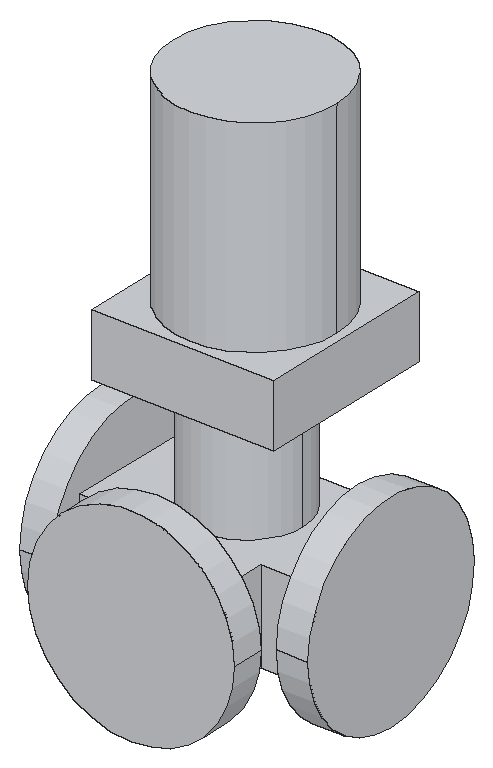
Revit family "M_Válvula de controle motor - 3 vias - 50-400 mm", category Acessórios do tubo, Revit 2019
Family settings
  Cota do conector redondo = Usar raio
  Tipo de parte = Válvula - Quebra entre
  Número OmniClass = 23.65.55.14.17
  Título OmniClass = Adjusting/Controlling Valves for Liquid Services
  ID de item do Seek = Motor Control Valve - 3 Way - 50-400 mm-0000-CAN-ENU
  Com base no plano de trabalho = Não
  Sempre na vertical = Sim
  Corte com vazios quando carregada = Não
  Compartilhado = Não
Parameters (values of type "50 mm")
  Largura 2 = 115 mm
  Largura 1 = 64 mm
  Material da válvula = none
  Espessura 2 = 50 mm
  Espessura 1 = 73 mm
  Raio 2 = Diâmetro 2 * 0.5  # 45 mm
  Raio 1 = Diâmetro 1 * 0.5  # 65.25 mm
  Largura da placa = 145 mm
  Largura externa = 110 mm
  Raio nominal = 25 mm
  Diâmetro nominal = 2 * Raio nominal  # 50 mm
  K Coefficient = 2.71
  Altura 2 = 342 mm
  Altura 1 = 128 mm
  Raio da flange = Diâmetro da flange * 0.5  # 82.5 mm
  Diâmetro da flange = 1.5 * Largura externa  # 165 mm
  Diâmetro 2 = Largura 2 - 25 mm  # 90 mm
  Diâmetro 1 = 0.9 * Largura da placa  # 130.5 mm
Types (10, lengths in mm): name | Largura 2 | Largura 1 | Espessura 2 | Espessura 1 | Raio 2 | Raio 1 | Largura da placa | Largura externa | Raio nominal | Diâmetro nominal | K Coefficient | Altura 2 | Altura 1 | Raio da flange | Diâmetro da flange | Diâmetro 2 | Diâmetro 1
  (no name) | 115 | 64 | 50 | 73 | 45 | 65.25 | 145 | 110 | 25 | 50 | 2.71 | 342 | 128 | 82.5 | 165 | 90 | 130.5
  50 mm | 115 | 64 | 50 | 73 | 45 | 65.25 | 145 | 110 | 25 | 50 | 2.71 | 342 | 128 | 82.5 | 165 | 90 | 130.5
  80 mm | 140 | 78 | 56 | 85 | 57.5 | 79.2 | 176 | 127 | 40 | 80 | 2.71 | 365 | 138 | 95.25 | 190.5 | 115 | 158.4
  100 mm | 150 | 84 | 70 | 102 | 62.5 | 85.05 | 189 | 150 | 50 | 100 | 2.71 | 466 | 174 | 112.5 | 225 | 125 | 170.1
  150 mm | 185 | 104 | 88 | 124 | 80 | 104.85 | 233 | 186 | 75 | 150 | 2.77 | 595 | 220 | 139.5 | 279 | 160 | 209.7
  200 mm | 225 | 129 | 97 | 152 | 100 | 127.35 | 283 | 228 | 100 | 200 | 2.76 | 638 | 243 | 171 | 342 | 200 | 254.7
  250 mm | 260 | 152 | 106 | 181 | 117.5 | 147.6 | 328 | 270 | 125 | 250 | 2.75 | 680 | 265 | 202.5 | 405 | 235 | 295.2
  300 mm | 300 | 186.5 | 130 | 215 | 137.5 | 170.1 | 378 | 320 | 150 | 300 | 2.75 | 833 | 322 | 240 | 480 | 275 | 340.2
  350 mm | 340 | 203 | 138 | 237 | 157.5 | 193.5 | 430 | 350 | 175 | 350 | 2.79 | 880 | 345 | 262.5 | 525 | 315 | 387
  400 mm | 385 | 230 | 148 | 265 | 180 | 218.25 | 485 | 370 | 200 | 400 | 4.76 | 930 | 369 | 277.5 | 555 | 360 | 436.5
Reference planes
  plane 1 "Centro (Frente/Trás)": y = 0
  plane 2: z = 0
  plane 3 "Centro (Esquerda/Direita)": x = 0
  plane 4: x = -55
  plane 5: x = 55
  plane 6: x = -72.5
  plane 7: x = 72.5
  plane 8: x = -115
  plane 9: x = 115
  plane 10: x = -89.6
  plane 11: x = 89.6
  plane 12: y = -64
  plane 13: y = 81
  plane 14: y = -115
  plane 15: y = -89.6
  plane 16: z = 36.5
  plane 17: z = -36.5
  plane 18: z = 128
  plane 19: z = 178
  plane 20: z = 342
  plane 21: y = -55
  plane 22: y = 55
  plane 23: y = 8.5
  plane 24: through (0, 0, 1219.2) normal (-0.866, -0.5, 0)
  plane 25: through (0, 0, 1219.2) normal (-0.866, 0.5, 0)
Forms (mm)
  Extrusion 1, solid, material <- "Material da válvula", detail levels fine
    sketch origin (0, 0, 0) x (1, 0, 0) y (0, 1, 0)
      loop
        line (-89.6, 55) -> (-89.6, -55) -> (-55, -55) -> (-55, -89.6) -> (55, -89.6) -> (55, -55) -> (89.6, -55) -> (89.6, 55) -> (-89.6, 55)
    from -36.5 to 36.5
  Extrusion 2, solid, material <- "Material da válvula", detail levels fine
    sketch origin (0, 0, 0) x (1, 0, 0) y (0, 1, 0)
      loop
        line (-72.5, 81) -> (-72.5, -64) -> (72.5, -64) -> (72.5, 81) -> (-72.5, 81)
    from 128 to 178
  Extrusion 3, solid, material <- "Material da válvula", detail levels fine
    sketch origin (-214.086, -4572, 36.5) x (-1, 0, 0) y (0, -1, 0)
      loop
        circle (-214.086, -4572) r 45
    from 0 to 91.5
  Extrusion 4, solid, material <- "Material da válvula", detail levels fine
    sketch origin (-214.086, -4572, 178) x (-1, 0, 0) y (0, -1, 0)
      loop
        circle (-214.086, -4580.5) r 65.25
    from 0 to 164
  Extrusion 5, solid, material <- "Material da válvula", detail levels fine
    sketch origin (-179.853, -89.6, 1219.2) x (-1, 0, 0) y (0, 0, 1)
      loop
        circle (-179.853, -1219.2) r 82.5
    from -25.4 to 0
  Extrusion 6, solid, material <- "Material da válvula", detail levels fine
    sketch origin (-115.094, -151.138, 1219.2) x (0, -1, 0) y (0, 0, 1)
      loop
        circle (-151.138, -1219.2) r 82.5
    from -25.494 to -0.094
  Extrusion 7, solid, material <- "Material da válvula", detail levels fine
    sketch origin (115.094, -151.138, 1219.2) x (0, -1, 0) y (0, 0, -1)
      loop
        circle (-151.138, 1219.2) r 82.5
    from -25.494 to -0.094
Cuts and joins
  joined: Extrusion 1, Extrusion 2, Extrusion 3, Extrusion 4, Extrusion 5, Extrusion 6, Extrusion 7
Lines and regions (mm)
  model lines, detail levels coarse+medium
    curve 1: line (0, 0, 0) -> (-66.395, -115, 0)
    curve 2: line (0, 0, 0) -> (66.395, -115, 0)
    curve 3: line (-66.395, -115, 0) -> (66.395, -115, 0)
    curve 4: line (-66.321, 114.872, 0) -> (66.321, 114.872, 0)
    curve 5: arc (-66.321, 114.872, 0) -> (0, 148.267, 0) -> (66.321, 114.872, 0) r 82.553
    curve 6: line (0, 0, 0) -> (-115, -66.395, 0)
    curve 7: line (0, 0, 0) -> (-115, 66.395, 0)
    curve 8: line (-115, 66.395, 0) -> (-115, -66.395, 0)
    curve 9: line (0, 0, 0) -> (115, -66.395, 0)
    curve 10: line (0, 0, 0) -> (115, 66.395, 0)
    curve 11: line (115, 66.395, 0) -> (115, -66.395, 0)
    curve 12: line (0, 114.872, 0) -> (0, 0, 0)
Dimensions and locks
  equal spacing: plane 4, plane 3 "Centro (Esquerda/Direita)", plane 5
  "Largura externa": plane 4 to plane 5
  equal spacing: plane 6, plane 3 "Centro (Esquerda/Direita)", plane 7
  "Largura da placa": plane 6 to plane 7
  "Largura 2": plane 8 to plane 3 "Centro (Esquerda/Direita)"
  "Largura 2": plane 3 "Centro (Esquerda/Direita)" to plane 9
  locked: plane 8 to plane 10 at 25.4
  locked: plane 11 to plane 9 at 25.4
  "Largura 1": plane 1 "Centro (Frente/Trás)" to plane 12
  "Largura da placa": plane 13 to plane 12
  "Largura 2": plane 14 to plane 1 "Centro (Frente/Trás)"
  locked: plane 15 to plane 14 at 25.4
  equal spacing: plane 16, plane 2, plane 17
  "Espessura 1": plane 16 to plane 17
  "Altura 1": plane 18 to plane 2
  "Espessura 2": plane 19 to plane 18
  "Altura 2": plane 20 to plane 2
  equal spacing: plane 22, plane 1 "Centro (Frente/Trás)", plane 21
  "Largura externa": plane 21 to plane 22
  equal spacing: plane 13, plane 23, plane 12
  "Raio 2": radius of Extrusion 3 sketch curve
  "Raio 1": radius of Extrusion 4 sketch curve
  "Raio da flange": radius of Extrusion 5 sketch curve
  "Raio da flange": radius of Extrusion 6 sketch curve
  "Raio da flange": radius of Extrusion 7 sketch curve
  locked: curve 1 to plane 3 "Centro (Esquerda/Direita)" (angle 30.00°)
  locked: plane 3 "Centro (Esquerda/Direita)" to curve 2 (angle 30.00°)
  locked: plane 3 "Centro (Esquerda/Direita)" to plane 24 (angle 30.00°)
  locked: plane 25 to plane 3 "Centro (Esquerda/Direita)" (angle 30.00°)
  locked: plane 1 "Centro (Frente/Trás)" to curve 6 (angle 30.00°)
  locked: curve 7 to plane 1 "Centro (Frente/Trás)" (angle 30.00°)
  locked: curve 9 to plane 1 "Centro (Frente/Trás)" (angle 30.00°)
  locked: plane 1 "Centro (Frente/Trás)" to curve 10 (angle 30.00°)
  aligned and locked: plane 22 to Extrusion 1 sketch curve
  aligned and locked: Extrusion 1 sketch curve to plane 11
  aligned and locked: Extrusion 1 sketch curve to plane 10
  aligned and locked: plane 21 to Extrusion 1 sketch curve  (x2)
  aligned and locked: Extrusion 1 sketch curve to plane 5
  aligned and locked: Extrusion 1 sketch curve to plane 4
  aligned and locked: plane 15 to Extrusion 1 sketch curve
  aligned and locked: plane 17 to Extrusion 1
  aligned and locked: plane 16 to Extrusion 1
  aligned and locked: plane 6 to Extrusion 2 sketch curve
  aligned and locked: Extrusion 2 sketch curve to plane 13
  aligned and locked: plane 12 to Extrusion 2 sketch curve
  aligned and locked: Extrusion 2 sketch curve to plane 7
  aligned and locked: Extrusion 2 to plane 18
  aligned and locked: plane 19 to Extrusion 2
  aligned and locked: plane 1 "Centro (Frente/Trás)" to Extrusion 3 sketch curve
  aligned and locked: plane 3 "Centro (Esquerda/Direita)" to Extrusion 3 sketch curve
  aligned and locked: plane 18 to Extrusion 3
  aligned and locked: plane 23 to Extrusion 4 sketch curve
  aligned and locked: plane 3 "Centro (Esquerda/Direita)" to Extrusion 4 sketch curve
  aligned and locked: plane 20 to Extrusion 4
  aligned and locked: plane 2 to Extrusion 5 sketch curve
  aligned and locked: plane 3 "Centro (Esquerda/Direita)" to Extrusion 5 sketch curve
  aligned and locked: plane 15 to Extrusion 5
  aligned and locked: Extrusion 5 to plane 14
  aligned and locked: plane 2 to Extrusion 6 sketch curve
  aligned and locked: plane 1 "Centro (Frente/Trás)" to Extrusion 6 sketch curve
  aligned and locked: Extrusion 6 to plane 10
  aligned and locked: plane 8 to Extrusion 6
  aligned and locked: plane 1 "Centro (Frente/Trás)" to Extrusion 7 sketch curve
  aligned and locked: plane 2 to Extrusion 7 sketch curve
  aligned and locked: Extrusion 7 to plane 11
  aligned and locked: plane 9 to Extrusion 7
  aligned and locked: curve 3 to plane 14
  aligned and locked: plane 8 to curve 6
  aligned and locked: plane 8 to curve 8
  aligned and locked: curve 11 to plane 9
  aligned and locked: curve 12 to plane 3 "Centro (Esquerda/Direita)"
Automatic sketch dimensions
  curve 3 to plane 25 = 0 mm
  curve 5 to plane 24 = 0 mm
  curve 5 to plane 3 "Centro (Esquerda/Direita)" = 0 mm
  curve 5 to plane 6 = 6.179 mm
  curve 5 to plane 22 = 10.714 mm
Connectors
  piping at (-115, 0, 0), diameter 50, driven by "Raio nominal"
    settings: on Extrusion 6, index 1, connector inside diameter 50 mm, connector length 0 mm, flow factor 0, pipe flow 0.0 L/s, pressure drop 0.0 Pa, fitting loss kfactor 0, connector angle 0.00°, fixture units 0, engagement length 0 mm, angle of deflection 0.00°, flow configuration 0, flow direction 0, fitting loss method 2, system type 29, joint type 0, gender type 0, connector reference index 2, connector utility 0, adjustable connector no, is connector primary yes, connector description ""
  piping at (115, 0, 0), diameter 50, driven by "Raio nominal"
    settings: on Extrusion 7, index 2, connector inside diameter 50 mm, connector length 0 mm, flow factor 0, pipe flow 0.0 L/s, pressure drop 0.0 Pa, fitting loss kfactor 0, connector angle 0.00°, fixture units 0, engagement length 0 mm, angle of deflection 0.00°, flow configuration 0, flow direction 0, fitting loss method 2, system type 29, joint type 0, gender type 0, connector reference index 1, connector utility 0, adjustable connector no, is connector primary no, connector description ""
  piping at (0, -115, 0), diameter 50, driven by "Raio nominal", driven by "K Coefficient"
    settings: on Extrusion 5, index 3, connector inside diameter 50 mm, connector length 0 mm, flow factor 0, pipe flow 0.0 L/s, pressure drop 0.0 Pa, fitting loss kfactor 2.71, connector angle 0.00°, fixture units 0, engagement length 0 mm, angle of deflection 0.00°, flow configuration 0, flow direction 0, fitting loss method 2, system type 29, joint type 0, gender type 0, connector reference index -1, connector utility 0, adjustable connector no, is connector primary no, connector description ""
